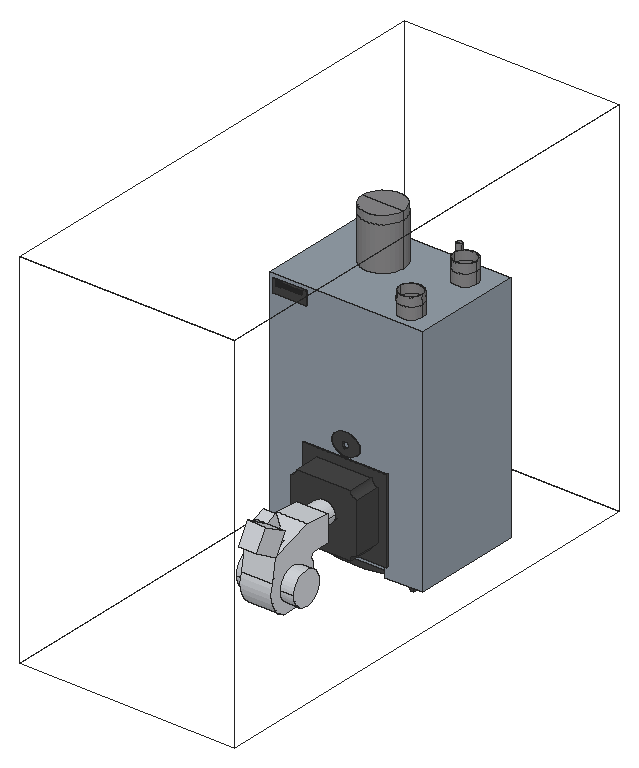
Revit family "Boiler-Gas-Weil-McLain-80_Boiler-BG580WF", category Mechanical Equipment, Revit 2020 (continued)
Automatic sketch dimensions
  curve 42 to curve 51 = 0' - 1.69494"
  curve 41 to curve 37 = 0' - 3.4641"
  curve 18 to curve 11 = 0' - 0"
  curve 18 to curve 32 = 0' - 0.12"
  curve 17 to curve 27 = 0' - 0.12"
  curve 17 to curve 24 = 0' - 0.62"
  curve 19 to curve 31 = 0' - 0"
  curve 25 to curve 16 = 0' - 0"
  curve 22 to curve 23 = 0' - 0.18"
  curve 21 to curve 21 = 0' - 0.18"
  curve 24 to curve 15 = 0' - 0.18"
  Revolve 2 sketch curve to Revolve 2 sketch curve = 0' - 0.07845"
  Revolve 2 sketch curve to plane 8 "Top" = 0' - 1.48618"
  Revolve 2 sketch curve to Revolve 2 sketch curve = 0' - 1.42753"
  Revolve 3 sketch curve to plane 8 "Top" = 0' - 1.48618"
  Revolve 3 sketch curve to Revolve 3 sketch curve = 0' - 0.00095"
  Revolve 3 sketch curve to Revolve 3 sketch curve = 0' - 1.18483"
  Revolve 5 sketch curve to Revolve 5 sketch curve = 0' - 0.05105"
  Revolve 5 sketch curve to Revolve 5 sketch curve = 0' - 0.06253"
  Revolve 5 sketch curve to plane 8 "Top" = 0' - 1.48618"
  Revolve 5 sketch curve to Revolve 5 sketch curve = 0' - 0.00095"
  Revolve 5 sketch curve to Revolve 5 sketch curve = 0' - 1.18483"
  plane 11 to Revolve 7 sketch curve = 0' - 1.742"
  Revolve 7 sketch curve to Revolve 7 sketch curve = 0' - 1 1/4"
  Revolve 7 sketch curve to Revolve 7 sketch curve = 0' - 0.07845"
  Extrusion 8 sketch curve to plane 3 "Center (Left/Right)" = 0' - 0"
  plane 10 to Extrusion 8 sketch curve = 0' - 0.015"
  Extrusion 12 sketch curve to plane 3 "Center (Left/Right)" = 0' - 0"  (x2)
  Extrusion 12 sketch curve to plane 3 "Center (Left/Right)" = 0' - 1.44"
  Extrusion 12 sketch curve to plane 15 = 0' - 0.99064"  (x2)
  plane 3 "Center (Left/Right)" to Extrusion 12 sketch curve = 0' - 1.44"
  Extrusion 12 sketch curve to Extrusion 12 sketch curve = 0' - 1.05762"  (x2)
  plane 10 to Extrusion 12 sketch curve = 0' - 8.38"
  Extrusion 12 sketch curve to Extrusion 12 sketch curve = 0' - 0.11353"
  Extrusion 12 sketch curve to Extrusion 12 sketch curve = 0' - 0.31864"
  Extrusion 12 sketch curve to Extrusion 12 sketch curve = 0' - 0.68094"
  Extrusion 13 sketch curve to plane 3 "Center (Left/Right)" = 0' - 0"  (x2)
  plane 3 "Center (Left/Right)" to Extrusion 13 sketch curve = 0' - 0.005"
  plane 3 "Center (Left/Right)" to Extrusion 13 sketch curve = 0' - 1.44"
  Extrusion 13 sketch curve to Extrusion 13 sketch curve = 0' - 1.05762"  (x2)
  Extrusion 13 sketch curve to plane 3 "Center (Left/Right)" = 0' - 1.44"
  Extrusion 13 sketch curve to Extrusion 13 sketch curve = 0' - 1.20061"
  Extrusion 13 sketch curve to Extrusion 13 sketch curve = 0' - 0"
  Revolve 14 sketch curve to Revolve 14 sketch curve = 0' - 0.18683"
  Revolve 14 sketch curve to Revolve 14 sketch curve = 0' - 0.26393"
  Revolve 14 sketch curve to Revolve 14 sketch curve = 0' - 0.00048"
  Revolve 14 sketch curve to Revolve 14 sketch curve = 0' - 0.09124"
  Revolve 14 sketch curve to Revolve 14 sketch curve = 0' - 0.02921"
  Revolve 14 sketch curve to Revolve 14 sketch curve = 0' - 0"  (x2)
  Revolve 14 sketch curve to Revolve 14 sketch curve = 0' - 0.13205"
  Revolve 14 sketch curve to Revolve 14 sketch curve = 0' - 0.23344"
  Revolve 14 sketch curve to Revolve 14 sketch curve = 0' - 0 3/16"
  Revolve 15 sketch curve to Revolve 15 sketch curve = 0' - 0.18683"
  Revolve 15 sketch curve to Revolve 15 sketch curve = 0' - 0.26393"
  Revolve 15 sketch curve to Revolve 15 sketch curve = 0' - 0.00048"
  Revolve 15 sketch curve to Revolve 15 sketch curve = 0' - 0.09124"
  Revolve 15 sketch curve to Revolve 15 sketch curve = 0' - 0.02921"
  Revolve 15 sketch curve to Revolve 15 sketch curve = 0' - 0"  (x2)
  Revolve 15 sketch curve to Revolve 15 sketch curve = 0' - 0.13205"
  Revolve 15 sketch curve to Revolve 15 sketch curve = 0' - 0.23344"
  Revolve 15 sketch curve to Revolve 15 sketch curve = 0' - 0 3/16"
  Extrusion 22 sketch curve to plane 3 "Center (Left/Right)" = 0' - 0"  (x2)
  Extrusion 22 sketch curve to Extrusion 22 sketch curve = 0' - 1.05762"  (x2)
  Extrusion 22 sketch curve to plane 15 = 0' - 0.99064"  (x2)
  Extrusion 22 sketch curve to Extrusion 22 sketch curve = 0' - 0.31864"
  Extrusion 22 sketch curve to Extrusion 22 sketch curve = 0' - 0.68094"
  Extrusion 23 sketch curve to plane 3 "Center (Left/Right)" = 0' - 0"  (x2)
  Extrusion 23 sketch curve to plane 29 = 0' - 0"
  Extrusion 23 sketch curve to plane 15 = 0' - 0.99064"  (x2)
  Extrusion 23 sketch curve to Extrusion 23 sketch curve = 0' - 1.05762"  (x2)
  Extrusion 23 sketch curve to plane 29 = 0' - 0.88647"
  Extrusion 1 to curve 2 = 0' - 0"
  Extrusion 1 to curve 1 = 0' - 0"
  curve 2 to Extrusion 1 = 0' - 0"
  curve 1 to Extrusion 1 = 0' - 0"
  Extrusion 1 to curve 4 = 0' - 0"
  Extrusion 1 to curve 3 = 0' - 0"
  curve 4 to Extrusion 1 = 0' - 0"
  curve 3 to Extrusion 1 = 0' - 0.17"
  Extrusion 25 sketch curve to plane 19 = 0' - 0"
  Extrusion 25 sketch curve to plane 20 = 0' - 0"
  Extrusion 26 sketch curve to plane 19 = 0' - 0"
  Extrusion 26 sketch curve to plane 20 = 0' - 0"
  Extrusion 31 sketch curve to Extrusion 31 sketch curve = 0' - 1 1/4"
  Sweep 49 sketch curve to plane 6 "Back" = 0' - 0"
  Revolve 52 sketch curve to plane 8 "Top" = 0' - 0"
  Revolve 52 sketch curve to plane 8 "Top" = 0' - 1.48618"
  Revolve 52 sketch curve to Revolve 52 sketch curve = 0' - 1.18483"
  Revolve 4 sketch curve to plane 8 "Top" = 0' - 0"
  Revolve 4 sketch curve to plane 8 "Top" = 0' - 0.51313"
  Revolve 4 sketch curve to Revolve 4 sketch curve = 0' - 0 3/4"
  plane 21 to curve 58 = 0' - 0.368"
  plane 21 to curve 57 = 0' - 0.368"
  radius of Extrusion 19 sketch curve = 0' - 3 1/2"
  radius of Sweep 21 sketch curve = 0' - 0 1/4"
  radius of Extrusion 30 sketch curve = 0' - 3 1/2"
  radius of Extrusion 34 sketch curve = 0' - 3 1/2"
  radius of Extrusion 38 sketch curve = 0' - 0 5/8"
  radius of Extrusion 8 sketch curve = 0' - 3 3/8"
  radius of Extrusion 10 sketch curve = 0' - 1 3/4"
  radius of Extrusion 25 sketch curve = 0' - 1 1/2"
  radius of Extrusion 26 sketch curve = 0' - 1 1/2"
Nested families (in)
  nested 1: "Logo" at (-13.57555, -10.84375, 45.301) x (1, 0, 0) z (0, -1, 0), type "Logo"
Connectors (in)
  hvac at (-3.63125, 2.8125, 57.31), driven by "Exhaust Connection Radius", driven by "Actual Exhaust Air Flow"
    settings: on Revolve 2, index 1, duct flow 139 CFM, flow factor 0, pres drop 0.00 in-wg, loss coef 0, conn angle 0.00°, conn width 12", conn height 12", conn diameter 8", duct sys type 3, conn prof type 0, flow config 0, flow direction 0, loss method 0, conn ref index -1, conn util no, is conn primary yes, conn desc "Exhaust Outlet Connection Primary"
  piping at (9.87555, 5.94922, 51.20748), diameter 4, driven by "Supply Connection Radius", driven by "Water Supply Flow"
    settings: on Revolve 5, index 3, connector inside diameter 4", connector length 0' - 0", flow factor 0, pipe flow 0 GPM, pressure drop 0.00 psi, fitting loss kfactor 0, connector angle 0.00°, fixture units 0, engagement length 0' - 0", angle of deflection 0.00°, flow configuration 0, flow direction 0, fitting loss method 0, system type 7, joint type 0, gender type 0, connector reference index -1, connector utility 0, adjustable connector no, is connector primary yes, connector description "Supply Riser Pipe Connection 1"
  piping at (9.87555, -7.25422, 51.20748), diameter 4, driven by "Supply Connection Radius", driven by "Water Supply Flow"
    settings: on Revolve 3, index 4, connector inside diameter 4", connector length 0' - 0", flow factor 0, pipe flow 0 GPM, pressure drop 0.00 psi, fitting loss kfactor 0, connector angle 0.00°, fixture units 0, engagement length 0' - 0", angle of deflection 0.00°, flow configuration 0, flow direction 0, fitting loss method 0, system type 7, joint type 0, gender type 0, connector reference index -1, connector utility 0, adjustable connector no, is connector primary no, connector description "Supply Riser Pipe Connection 2"
  piping at (-10.57555, -9.53484, 4.01), diameter 3, driven by "Return Connection Radius", driven by "Water Supply Flow"
    settings: on cut or joined group of Extrusion 1, Extrusion 8, Extrusion 9, Extrusion 10, Extrusion 11, Extrusion 12, Extrusion 23, Extrusion 24, index 7, connector inside diameter 3", connector length 0' - 0", flow factor 0, pipe flow 0 GPM, pressure drop 0.00 psi, fitting loss kfactor 0, connector angle 0.00°, fixture units 0, engagement length 0' - 0", angle of deflection 0.00°, flow configuration 0, flow direction 0, fitting loss method 0, system type 8, joint type 0, gender type 0, connector reference index -1, connector utility 0, adjustable connector no, is connector primary no, connector description "Return Connection 1"
  hvac at (-3.6308, 20.85372, 36.388), driven by "Exhaust Connection Radius", driven by "Actual Exhaust Air Flow"
    settings: on Revolve 7, index 10, duct flow 139 CFM, flow factor 0, pres drop 0.00 in-wg, loss coef 0, conn angle 0.00°, conn width 12", conn height 12", conn diameter 8", duct sys type 3, conn prof type 0, flow config 1, flow direction 2, loss method 4, conn ref index -1, conn util no, is conn primary no, conn desc "Exhaust Outlet Connection Secondary"
  piping at (4.935, 10.6645, 49.931), diameter 1, driven by "Water Supply Flow", driven by "Water Connection Radius"
    settings: on Revolve 4, index 12, connector inside diameter 1", connector length 0' - 0", flow factor 0, pipe flow 0 GPM, pressure drop 0.00 psi, fitting loss kfactor 0, connector angle 0.00°, fixture units 0, engagement length 0' - 0", angle of deflection 0.00°, flow configuration 0, flow direction 1, fitting loss method 0, system type 20, joint type 0, gender type 0, connector reference index -1, connector utility 0, adjustable connector no, is connector primary no, connector description "Water Inlet"
  piping at (-10.57555, 10.8125, 4.01), diameter 3, driven by "Return Connection Radius", driven by "Water Supply Flow"
    settings: on Extrusion 26, index 13, connector inside diameter 3", connector length 0' - 0", flow factor 0, pipe flow 0 GPM, pressure drop 0.00 psi, fitting loss kfactor 0, connector angle 0.00°, fixture units 0, engagement length 0' - 0", angle of deflection 0.00°, flow configuration 0, flow direction 0, fitting loss method 0, system type 8, joint type 0, gender type 0, connector reference index -1, connector utility 0, adjustable connector no, is connector primary no, connector description "Return Connection 2"
  electrical at (-2.5, -28.44225, 15.97772), driven by "Number of Poles", driven by "Voltage", driven by "Apparent Load"
    settings: on Extrusion 39, index 15, voltage 120 V, apparent load 0 VA, apparent load phase1 248.67 VA, apparent load phase2 0 VA, apparent load phase3 0 VA, power factor 1, load classification "HVAC", number of poles 1, system type 31, power factor state 1, is connector primary yes, connector utility no, sub classification motor no, connector description "Power Connection"
  piping at (-5.40025, -21.74943, 7.20704), diameter 1.25, driven by "Gas Connection Radius", driven by "Gas Pressure Drop"
    settings: on Extrusion 38, index 16, connector inside diameter 1 1/4", connector length 0' - 0", flow factor 0, pipe flow 0 GPM, pressure drop 0.053 psi, fitting loss kfactor 0, connector angle 0.00°, fixture units 0, engagement length 0' - 0", angle of deflection 0.00°, flow configuration 0, flow direction 1, fitting loss method 4, system type 22, joint type 0, gender type 0, connector reference index -1, connector utility 0, adjustable connector no, is connector primary no, connector description "Gas Connection"
  piping at (9.87555, 3.06263, 51.20748), diameter 4, driven by "Supply Connection Radius", driven by "Water Supply Flow"
    settings: on Revolve 52, index 17, connector inside diameter 4", connector length 0' - 0", flow factor 0, pipe flow 0 GPM, pressure drop 0.00 psi, fitting loss kfactor 0, connector angle 0.00°, fixture units 0, engagement length 0' - 0", angle of deflection 0.00°, flow configuration 0, flow direction 0, fitting loss method 0, system type 7, joint type 0, gender type 0, connector reference index -1, connector utility 0, adjustable connector no, is connector primary no, connector description "Supply Riser Pipe Connection 3"
Definition of nested family "Logo"
  Parameters
    Logo = none
    Default Elevation = 4' - 0"
  Reference planes (in)
    plane 1 "Center (Front/Back)": y = 0
    plane 2: z = 0
    plane 3 "Center (Left/Right)": x = 0
    plane 4: x = 5
    plane 5: z = 0.03125
  Forms (in)
    Extrusion 1, solid
      sketch origin (0, 0, 0) x (1, 0, 0) y (0, 1, 0)
        loop
          line (-48, 48) -> (-48, -48) -> (48, -48) -> (48, 48) -> (-48, 48)
      from 0 to -12
    Extrusion 2, solid, material <- "Logo"
      sketch origin (0, 0, 0) x (1, 0, 0) y (0, 1, 0)
        loop
          line (0, 1.06758) -> (0, 0.10381) -> (0.94474, 0.10381) -> (0.94474, 1.06758) -> (0, 1.06758)
        loop
          line (0.05208, 1.0155) -> (0.05208, 0.15589) -> (0.89266, 0.15589) -> (0.89266, 1.0155) -> (0.05208, 1.0155)
        loop
          line (0.4634, 0.61947) -> (0.4634, 0.81943) -> (0.38737, 0.81943) -> (0.38737, 0.44008)
          arc (0.38737, 0.44008) -> (0.35554, 0.41899) -> (0.32372, 0.44008) r 0.03455
          line (0.32372, 0.44008) -> (0.32372, 0.81943) -> (0.2487, 0.81943) -> (0.2487, 0.44008)
          arc (0.2487, 0.44008) -> (0.21688, 0.41899) -> (0.18506, 0.44008) r 0.03455
          line (0.18506, 0.44008) -> (0.18506, 0.81943) -> (0.10752, 0.81943) -> (0.10752, 0.39273)
          arc (0.10752, 0.39273) -> (0.19969, 0.32894) -> (0.29185, 0.39273) r 0.09848
          arc (0.29185, 0.39273) -> (0.36882, 0.33001) -> (0.4634, 0.36023) r 0.10422
          line (0.4634, 0.36023) -> (0.4634, 0.53961) -> (0.43206, 0.53961) -> (0.43206, 0.61947) -> (0.4634, 0.61947)
        loop
          line (0.4634, 0.30997) -> (0.55596, 0.30997) -> (0.55596, 0.71164)
          arc (0.55596, 0.71164) -> (0.57268, 0.71966) -> (0.58941, 0.71164) r 0.02145
          line (0.58941, 0.71164) -> (0.58941, 0.30997) -> (0.69629, 0.30997) -> (0.69629, 0.71164)
          arc (0.69629, 0.71164) -> (0.71302, 0.71912) -> (0.72975, 0.71164) r 0.02244
          line (0.72975, 0.71164) -> (0.72975, 0.30997) -> (0.83336, 0.30997) -> (0.83336, 0.76542)
          arc (0.83336, 0.76542) -> (0.74758, 0.84234) -> (0.64223, 0.79569) r 0.10611
          arc (0.64223, 0.79569) -> (0.5627, 0.83395) -> (0.47725, 0.81184) r 0.12842
          line (0.47725, 0.81184) -> (0.47725, 0.84353) -> (0.37445, 0.84353) -> (0.37445, 0.44008)
          arc (0.37445, 0.44008) -> (0.35554, 0.43294) -> (0.33664, 0.44008) r 0.02857
          line (0.33664, 0.44008) -> (0.33664, 0.84353) -> (0.23579, 0.84353) -> (0.23579, 0.44008)
          arc (0.23579, 0.44008) -> (0.21688, 0.43294) -> (0.19798, 0.44008) r 0.02857
          line (0.19798, 0.44008) -> (0.19798, 0.84353) -> (0.09461, 0.84353) -> (0.09461, 0.39273)
          arc (0.09461, 0.39273) -> (0.18085, 0.31161) -> (0.2902, 0.35698) r 0.10902
          arc (0.2902, 0.35698) -> (0.37328, 0.30908) -> (0.4634, 0.34185) r 0.11357
          line (0.4634, 0.34185) -> (0.4634, 0.30997)
        loop
          line (0.4447, 0.60707) -> (0.4447, 0.55481) -> (0.50777, 0.55481) -> (0.50777, 0.60707) -> (0.4447, 0.60707)
        loop
          line (1.0753, 0.86316) -> (1.0753, 0.40208)
          arc (1.0753, 0.40208) -> (1.19737, 0.27446) -> (1.35836, 0.34705) r 0.15291
          arc (1.35836, 0.34705) -> (1.52173, 0.27369) -> (1.64658, 0.40208) r 0.15615
          line (1.64658, 0.40208) -> (1.64658, 0.86316) -> (1.48781, 0.86316) -> (1.48781, 0.4376)
          arc (1.48781, 0.4376) -> (1.46511, 0.41489) -> (1.4424, 0.4376) r 0.02271
          line (1.4424, 0.4376) -> (1.4424, 0.86316) -> (1.28363, 0.86316) -> (1.28363, 0.4376)
          arc (1.28363, 0.4376) -> (1.25885, 0.41282) -> (1.23407, 0.4376) r 0.02478
          line (1.23407, 0.4376) -> (1.23407, 0.86316) -> (1.0753, 0.86316)
        loop
          line (1.69284, 0.26721) -> (1.99512, 0.26721) -> (1.99512, 0.42553) -> (1.86092, 0.42553) -> (1.86092, 0.52036) -> (1.9415, 0.52036) -> (1.9415, 0.65631) -> (1.86092, 0.65631) -> (1.86092, 0.72449) -> (1.99512, 0.72449) -> (1.99512, 0.86316) -> (1.69284, 0.86316) -> (1.69284, 0.26721)
        loop
          line (2.02421, 0.86316) -> (2.02421, 0.26721) -> (2.20173, 0.26721) -> (2.20173, 0.86316) -> (2.02421, 0.86316)
        loop
          line (2.52259, 0.67009) -> (2.52259, 0.53337) -> (2.68467, 0.53337) -> (2.68467, 0.67009) -> (2.52259, 0.67009)
        loop
          line (2.26127, 0.86316) -> (2.26127, 0.26721) -> (2.43327, 0.26721) -> (2.51266, 0.26721) -> (2.51266, 0.41318) -> (2.43327, 0.41318) -> (2.43327, 0.86316) -> (2.26127, 0.86316)
        loop
          line (3.62168, 0.86316) -> (3.62168, 0.26721) -> (3.79368, 0.26721) -> (3.87307, 0.26721) -> (3.87307, 0.41318) -> (3.79368, 0.41318) -> (3.79368, 0.86316) -> (3.62168, 0.86316)
        loop
          line (4.33579, 0.86316) -> (4.33579, 0.26721) -> (4.51331, 0.26721) -> (4.51331, 0.86316) -> (4.33579, 0.86316)
        loop
          line (3.33187, 0.26721) -> (3.33187, 0.7283)
          arc (3.33187, 0.7283) -> (3.2098, 0.85592) -> (3.04881, 0.78332) r 0.15291
          arc (3.04881, 0.78332) -> (2.88544, 0.85669) -> (2.76058, 0.7283) r 0.15615
          line (2.76058, 0.7283) -> (2.76058, 0.26721) -> (2.91936, 0.26721) -> (2.91936, 0.69278)
          arc (2.91936, 0.69278) -> (2.94206, 0.71548) -> (2.96477, 0.69278) r 0.02271
          line (2.96477, 0.69278) -> (2.96477, 0.26721) -> (3.12354, 0.26721) -> (3.12354, 0.69278)
          arc (3.12354, 0.69278) -> (3.14832, 0.71756) -> (3.1731, 0.69278) r 0.02478
          line (3.1731, 0.69278) -> (3.1731, 0.26721) -> (3.33187, 0.26721)
        loop
          line (3.88304, 0.26721) -> (4.05229, 0.26721) -> (4.06421, 0.40348) -> (4.13149, 0.40348) -> (4.15065, 0.26721) -> (4.32492, 0.26721) -> (4.21007, 0.85808) -> (3.99393, 0.85808) -> (3.88304, 0.26721)
        loop
          line (4.08388, 0.63548) -> (4.07369, 0.54492) -> (4.12566, 0.54492) -> (4.11605, 0.63548) -> (4.08388, 0.63548)
        loop
          line (4.56873, 0.26721) -> (4.72409, 0.26721) -> (4.72409, 0.5078) -> (4.83628, 0.26721) -> (5, 0.26721) -> (5, 0.85808) -> (4.82727, 0.85808) -> (4.82727, 0.62722) -> (4.71962, 0.85808) -> (4.56873, 0.85808) -> (4.56873, 0.26721)
        loop
          line (3.54445, 0.62284) -> (3.42278, 0.62284)
          arc (3.42278, 0.62284) -> (3.38222, 0.60604) -> (3.36541, 0.56547) r 0.05737
          line (3.36541, 0.56547) -> (3.36541, 0.32647)
          arc (3.36541, 0.32647) -> (3.38277, 0.28457) -> (3.42467, 0.26721) r 0.05926
          line (3.42467, 0.26721) -> (3.54445, 0.26721) -> (3.54445, 0.3732) -> (3.50791, 0.3732)
          arc (3.50791, 0.3732) -> (3.4865, 0.38207) -> (3.47763, 0.40348) r 0.03028
          line (3.47763, 0.40348) -> (3.47763, 0.50117)
          arc (3.47763, 0.50117) -> (3.48818, 0.52012) -> (3.50852, 0.52765) r 0.03126
          line (3.50852, 0.52765) -> (3.54445, 0.52765) -> (3.54445, 0.62284)
      from 0 to 0.03125
  Dimensions and locks (in)
    locked: plane 3 "Center (Left/Right)" to plane 4 at 5
    locked: plane 2 to plane 5 at 0.03125
    aligned and locked: plane 2 to Extrusion 1
    aligned and locked: level to Extrusion 1
    aligned and locked: plane 5 to Extrusion 2
Types (10): name | Gas Connection Radius | Gas Connection Diameter | Net I=B=R Rating | Length | Gross I=B=R Rating | Gas Net I=B=R | Exhaust Pipe Diameter | Exhaust Connection Radius | Boiler Horsepower | B | Actual Exhaust Air Flow | A
  380 | 0' - 0 5/8" | 0' - 1 1/4" | 242000.0 Btu/h | 1' - 9 5/8" | 278000.0 Btu/h | 346000.0 Btu/h | 0' - 8" | 0' - 4" | 8.3 | 0' - 0" | 139 CFM | 1' - 1 1/8"
  1280 | 0' - 1" | 0' - 2" | 1172000.0 Btu/h | 2' - 5 223/256" | 1348000.0 Btu/h | 1674000.0 Btu/h | 1' - 0" | 0' - 6" | 40.3 | 2' - 10 9/16" | 675 CFM | 6' - 4.1256"
  1180 | 0' - 1" | 0' - 2" | 1069000.0 Btu/h | 2' - 5 223/256" | 1229000.0 Btu/h | 1526000.0 Btu/h | 0' - 10" | 0' - 5" | 36.7 | 2' - 10 9/16" | 616 CFM | 5' - 9 1/8"
  1080 | 0' - 0 5/8" | 0' - 1 1/4" | 965000.0 Btu/h | 2' - 5 223/256" | 1110000.0 Btu/h | 1378000.0 Btu/h | 0' - 10" | 0' - 5" | 33.2 | 2' - 3 9/16" | 558 CFM | 5' - 2 1/8"
  980 | 0' - 0 5/8" | 0' - 1 1/4" | 862000.0 Btu/h | 2' - 5 223/256" | 991000.0 Btu/h | 1230000.0 Btu/h | 0' - 10" | 0' - 5" | 29.6 | 0' - 0" | 494 CFM | 4' - 7 1/8"
  880 | 0' - 0 5/8" | 0' - 1 1/4" | 758000.0 Btu/h | 2' - 5 223/256" | 872000.0 Btu/h | 1082000.0 Btu/h | 0' - 10" | 0' - 5" | 26 | 0' - 0" | 436 CFM | 4' - 0 1/8"
  780 | 0' - 0 5/8" | 0' - 1 1/4" | 655000.0 Btu/h | 2' - 5 223/256" | 753000.0 Btu/h | 935000.0 Btu/h | 0' - 10" | 0' - 5" | 22.5 | 0' - 0" | 378 CFM | 3' - 5 1/8"
  680 | 0' - 0 5/8" | 0' - 1 1/4" | 551000.0 Btu/h | 2' - 5 223/256" | 634000.0 Btu/h | 787000.0 Btu/h | 0' - 8" | 0' - 4" | 18.9 | 0' - 0" | 320 CFM | 2' - 10 1/8"
  580 | 0' - 0 5/8" | 0' - 1 1/4" | 448000.0 Btu/h | 2' - 5 223/256" | 515000.0 Btu/h | 639000.0 Btu/h | 0' - 8" | 0' - 4" | 15.4 | 0' - 0" | 259 CFM | 2' - 3 1/8"
  480 | 0' - 0 5/8" | 0' - 1 1/4" | 344000.0 Btu/h | 2' - 5 223/256" | 396000.0 Btu/h | 491000.0 Btu/h | 0' - 8" | 0' - 4" | 11.8 | 0' - 0" | 198 CFM | 1' - 8 1/8"
